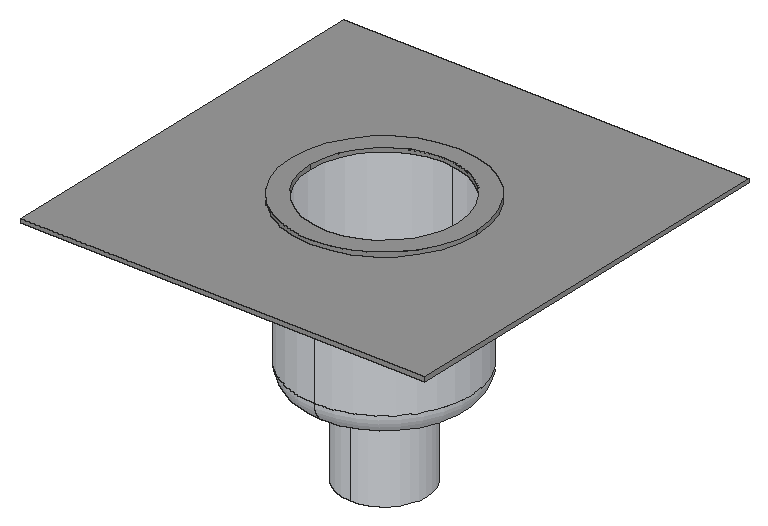
Revit family "RS523.x0", category Sanitärinstallationen, Revit 2020
Family settings
  Bemaßung runder Anschluss = Durchmesser verwenden
  Teiletyp = Normal
  Arbeitsebenenbasiert = Nein
  Immer vertikal = Ja
  Beim Laden mit Abzugskörper schneiden = Nein
  Gemeinsam genutzt = Nein
  Raumberechnungspunkt = Nein
Parameters (values of type "DN60")
  Übergangsbride [instance] = yes
  Vorgabe-Ansicht = 0 mm
  URL = "https://www.resitec.ch/"
  RSsp_H1 [instance] = Höhe  # 184 mm
  RS_s002 = 1.5 mm
  RS_s001 = 3 mm
  RS_dimH-mountplate [instance] = 10 mm
  RS_dimH-Rost [instance] = RS_Rost_h1 - 31 mm  # 69 mm
  RS_dim10 = 250 mm
  RS_dim001 = 75 mm
  RS_dim002 = 125 mm
  RS_dim003 = RS_dim001 + 5 mm  # 80 mm
  RS_diaRH1 = 150 mm
  RS_dia10 = 114 mm
  RS_dia002 = 110 mm
  RS_dia001 = 137.559 mm
  RS_DVol-T = 300 mm
  RS_DVol-L = 300 mm
  RS_DN2 = 0 mm
  RS_DN1d = 63.5 mm
  RS_DN1 = 60 mm
  RS_AVol-T = 129 mm
  RS_AVol-L = 129 mm
  RS_AVol-H = 170 mm
  RS_URL = "https://resitec.ch/entwaesserungstechnik/glockensifons/?tx_resitecprodukte_produktliste%5Bprodukt%5D=300&tx_resitecprodukte_produktliste%5Baction%5D=show&tx_resitecprodukte_produktliste%5Bcontroller%5D=Produkt&cHash=870ed96da1b7d2d15f9bc23eb072a8d7"
  RS_Rost_h1 [instance] = 100 mm
  RS_Rost_Typ [instance] = "RS511.2.145"
  RS_Manufacture = "Resitec"  # constant formula
  RS_Description [instance] = "Bodenablauf aus rostfreiem Stahl 1.4404 gebeizt, Typ RS 400MK/60 mit Schlitzrost barfuss begehbar."
  RS_Articelnumber [instance] = "RS523.60"
  RS_Add_1 [instance] = ""
  RS641 Dichtung [instance] = yes
  Klebeblech mit Epoxidgrundierung = yes
  Höhe [instance] = 184 mm
  Hersteller = RS_Manufacture  # "Resitec"
  Description = ""
  Baugruppenkennzeichen = "D2030300"
  Anschlusswert DU L/s = 0
Types (3, lengths in mm): name | RS_DN1d | RS_DN1 | RS_Articelnumber
  (no name) | 63.5 | 60 | "RS523.60"
  DN60 | 63.5 | 60 | "RS523.60"
  DN70 | 76.1 | 70 | "RS523.70"
Reference planes
  plane 1 "Mitte (Vorne/hinten)": y = 0
  plane 2: z = 0
  plane 3 "Mitte (Links/rechts)": x = 0
  plane 4: z = 100
  plane 5: z = -184
  plane 6: z = 10
  plane 7: x = 150
  plane 8: y = 150
  plane 9: x = -150
  plane 10: y = -150
  plane 11: y = 64.5
  plane 12: x = 64.5
  plane 13: x = -64.5
  plane 14: y = -64.5
  plane 15: z = 6
  plane 16 "1": z = 84
  plane 17: z = 3
  plane 18: y = 125
  plane 19: x = 125
  plane 20: y = -125
  plane 21: x = -125
  plane 22: x = -75
  plane 23: y = 75
  plane 24: x = 75
  plane 25: y = -75
Forms (mm)
  Extrusion 1, solid, material "Kautschuk", visible <- "RS641 Dichtung"
    sketch origin (0, 0, 0) x (1, 0, 0) y (0, 1, 0)
      loop
        circle (0, 0) r 55
      loop
        circle (0, 0) r 68.779
    from 3 to 6
  Extrusion 2, solid, material "Stahl, unlegiert"
    sketch origin (0, 0, 0) x (1, 0, 0) y (0, 1, 0)
      loop
        line (-150, 150) -> (-150, -150) -> (150, -150) -> (150, 150) -> (-150, 150)
      loop
        circle (0, 0) r 64.5
    from 0 to 3
Lines and regions (mm)
  reference lines
    curve 1: line (-60, 0, 0) -> (60, 0, 0)
    curve 2: line (0, 60, 0) -> (0, -60, 0)
    curve 3: line (-55.15, 0, 0) -> (55.15, 0, 0)
    curve 4: line (0, 55.15, 0) -> (0, -55.15, 0)
    curve 5: line (-70.5, 0, 0) -> (70.5, 0, 0)
    curve 6: line (0, -70.5, 0) -> (0, 70.5, 0)
Dimensions and locks
  equal spacing: Extrusion 1, Extrusion 1, level
  "RSsp_H1": level to plane 5
  "RS_dimH-mountplate": plane 6 to level
  equal spacing: plane 8, plane 1 "Mitte (Vorne/hinten)", plane 10
  equal spacing: plane 9, plane 3 "Mitte (Links/rechts)", plane 7
  "RS_DVol-T": plane 8 to plane 10
  "RS_DVol-L": plane 9 to plane 7
  equal spacing: plane 13, plane 3 "Mitte (Links/rechts)", plane 12
  "RS_AVol-L": plane 13 to plane 12
  equal spacing: plane 11, plane 1 "Mitte (Vorne/hinten)", plane 14
  "RS_AVol-T": plane 11 to plane 14
  plane 4 to plane 16 "1" = 16 mm  (x2)
  "RS_s001": plane 17 to level
  "RS_dim10": plane 21 to plane 19
  "RS_dim10": plane 18 to plane 20
  equal spacing: plane 21, plane 3 "Mitte (Links/rechts)", plane 19
  equal spacing: plane 18, plane 1 "Mitte (Vorne/hinten)", plane 20
  plane 4 to level = 100 mm
  "RS_diaRH1": plane 22 to plane 24
  "RS_diaRH1": plane 23 to plane 25
  equal spacing: plane 22, plane 3 "Mitte (Links/rechts)", plane 24
  equal spacing: plane 23, plane 1 "Mitte (Vorne/hinten)", plane 25
  diameter of Extrusion 1 = 110 mm
  "RS_dia002": diameter of Extrusion 1 sketch curve
  "RS_dia001": diameter of Extrusion 1 sketch curve
  aligned and locked: level to plane 2
  aligned and locked: plane 15 to Extrusion 1
  aligned and locked: plane 3 "Mitte (Links/rechts)" to nested 1
Automatic sketch dimensions
  plane 1 "Mitte (Vorne/hinten)" to curve 5 = 0 mm
  plane 1 "Mitte (Vorne/hinten)" to curve 1 = 0 mm
  plane 1 "Mitte (Vorne/hinten)" to curve 3 = 0 mm
  curve 2 to plane 3 "Mitte (Links/rechts)" = 0 mm
  curve 6 to plane 3 "Mitte (Links/rechts)" = 0 mm
  curve 4 to plane 3 "Mitte (Links/rechts)" = 0 mm
  curve 3 to plane 3 "Mitte (Links/rechts)" = 55.15 mm
  curve 1 to curve 3 = 4.85 mm
  curve 5 to curve 1 = 10.5 mm
  plane 3 "Mitte (Links/rechts)" to curve 3 = 55.15 mm
  curve 3 to curve 1 = 4.85 mm
  curve 1 to curve 5 = 10.5 mm
  plane 1 "Mitte (Vorne/hinten)" to curve 4 = 55.15 mm
  curve 2 to curve 4 = 4.85 mm
  curve 6 to curve 2 = 10.5 mm
  curve 4 to plane 1 "Mitte (Vorne/hinten)" = 55.15 mm
  curve 4 to curve 2 = 4.85 mm
  curve 2 to curve 6 = 10.5 mm
  Extrusion 2 sketch curve to plane 9 = 0 mm
  plane 1 "Mitte (Vorne/hinten)" to Extrusion 2 sketch curve = 0 mm
  Extrusion 2 sketch curve to plane 3 "Mitte (Links/rechts)" = 0 mm
  Extrusion 2 sketch curve to plane 7 = 0 mm
  Extrusion 2 sketch curve to plane 10 = 0 mm
  Extrusion 2 sketch curve to plane 8 = 0 mm
  Extrusion 1 sketch curve to Extrusion 1 sketch curve = 0 mm  (x2)
  plane 1 "Mitte (Vorne/hinten)" to Extrusion 1 sketch curve = 0 mm
  Extrusion 1 sketch curve to plane 3 "Mitte (Links/rechts)" = 0 mm
  radius of Extrusion 2 sketch curve = 64.5 mm
Nested families
  nested 1: "RS561K.xx" at (0, 0, 0), RSsp_H1 <- "RSsp_H1", type "DN60"
    with Übergangsbride no, Rückstaudichtung RS644.60 no, RSsp_H1 184 mm, RS_dimH-Rost 279 mm, RS_Rost_h1 317 mm, RS_Rost_Typ "RS511.2.145", RS_Description "Glockensifon aus rostfreiem Stahl 1.4404 gebeizt, Typ RS 425/70, bestehend aus: Ablaufteil mit Abgang ø 63.5 mm, vertikal Lochrost 4 mm ø 124 mm aus rostfreiem Stahl 1.4301 gebeizt mit angeschweisster Glocke, barfuss begehbar und mit Rollstuhl befahrbar", RS_Articelnumber "RS425.60.4.129", RS_Add_1 "", Höhe 345 mm
Connectors
  piping at (0, 0, -184), diameter 60, driven by "RS_DN1"
    settings: on nested 1, index 1, connector inside diameter 609.6 mm, connector length 0 mm, flow factor 0, pipe flow 0.0 L/s, pressure drop 0.0 Pa, fitting loss kfactor 0, connector angle 0.00°, fixture units 0, engagement length 0 mm, angle of deflection 0.00°, flow configuration 0, flow direction 0, fitting loss method 0, system type 16, joint type 0, gender type 0, connector reference index -1, connector utility 0, adjustable connector no, is connector primary yes, connector description ""
Definition of nested family "RS561K.xx"
  Parameters (values of type "DN70")
    Übergangsbride [instance] = no
    Default Elevation = 0 mm
    URL = "https://www.resitec.ch/"
    RSsp_H1 [instance] = 345 mm
    RS_s001 = 3 mm
    RS_dimH-Rost [instance] = RS_Rost_h1 - 38 mm  # 279 mm
    RS_dim001 = 122 mm
    RS_dim002 = RS_dim001  # 122 mm
    RS_dim003 = 25 mm
    RS_dia002 = 130 mm
    RS_dia001 = 129 mm
    RS_DVol-T = 300 mm
    RS_DVol-L = 300 mm
    RS_DN2 = 0 mm
    RS_DN1d = 76 mm
    RS_DN1 = 70 mm
    RS_AVol-T = 129 mm
    RS_AVol-L = 129 mm
    RS_AVol-H = 200 mm
    RS_URL = ""
    RS_Rost_h1 [instance] = 317 mm
    RS_Rost_Typ [instance] = ""
    RS_Manufacture = "Resitec"  # constant formula
    RS_Description [instance] = "Glockensifon aus rostfreiem Stahl 1.4404 gebeizt, Typ RS 425/70, bestehend aus: Ablaufteil mit Abgang ø 63.5 mm, vertikal Lochrost 4 mm ø 124 mm aus rostfreiem Stahl 1.4301 gebeizt mit angeschweisster Glocke, barfuss begehbar und mit Rollstuhl befahrbar"  # constant formula
    RS_Articelnumber [instance] = "RS561K.xx"
    RS_Add_1 [instance] = ""
    Rückstaudichtung RS644.60 [instance] = no
    Höhe [instance] = 345 mm
    Manufacturer = RS_Manufacture  # "Resitec"
    Description = ""
    Assembly Code = "D2030300"
    Anschlusswert DU L/s = 0
  Types (3, lengths in mm): name | RSsp_H1 | RS_DN1d | RS_DN1 | RS_URL | RS_Rost_Typ | RS_Articelnumber
    DN40 | 335.757 | 48 | 40 | "https://resitec.ch/entwaesserungstechnik/bodenablauf/?tx_resitecprodukte_produktliste%5Bprodukt%5D=1&tx_resitecprodukte_produktliste%5Baction%5D=show&tx_resitecprodukte_produktliste%5Bcontroller%5D=Produkt&cHash=cee8b11d3745fbe960417df4e1698a16" | "RS511.2.145" | "RS425.60.4.129"
    DN60 | 335.757 | 63 | 60 | "https://resitec.ch/entwaesserungstechnik/glockensifons/?tx_resitecprodukte_produktliste%5Bprodukt%5D=71&tx_resitecprodukte_produktliste%5Baction%5D=show&tx_resitecprodukte_produktliste%5Bcontroller%5D=Produkt&cHash=81896261f04a31d1bb8fc8234e01d3bc" | "RS511.2.145" | "RS425.60.4.129"
    DN70 | 345 | 76 | 70 | "" | "" | "RS561K.xx"
  Reference planes
    plane 1 "Mitte (Vorne/hinten)": y = 0
    plane 2: z = 0
    plane 3 "Mitte (Links/rechts)": x = 0
    plane 4: y = -64.5
    plane 5: y = 64.5
    plane 6: z = -122
    plane 7: z = -122
    plane 8: y = -38
    plane 9: y = 38
    plane 10: z = -345
  Forms (mm)
    Revolve 1, solid
      sketch origin (0, 0, 0) x (0, 1, 0) y (0, 0, 1)
        loop
          line (0, -122.078) -> (0, -345) -> (38, -345) -> (38, -122.078) -> (0, -122.078)
        axis (0, -122.078) -> (0, -345)
      angle from 0 to 360
    Revolve 2, solid
      sketch origin (0, 0, 0) x (0, 1, 0) y (0, 0, 1)
        loop
          line (-64.5, 0) -> (-64.5, -105.204)
          arc (-64.5, -105.204) -> (-59.581, -117.081) -> (-47.704, -122) r 16.796
          line (-47.704, -122) -> (0, -122) -> (0, -120) -> (-49.772, -120)
          arc (-49.772, -120) -> (-58.772, -116.272) -> (-62.5, -107.272) r 12.728
          line (-62.5, -107.272) -> (-62.5, 0) -> (-64.5, 0)
        axis (0, -122) -> (0, 0)
      angle from 0 to 360
  Dimensions and locks
    "RS_dia001": plane 4 to plane 5
    equal spacing: plane 4, plane 1 "Mitte (Vorne/hinten)", plane 5
    "RS_dim001": level to plane 7
    "RS_dim002": level to plane 6
    "RS_DN1d": plane 8 to plane 9
    equal spacing: plane 8, plane 1 "Mitte (Vorne/hinten)", plane 9
    Revolve 2 sketch curve to Revolve 2 sketch curve = 2 mm  (x2)
    "RSsp_H1": level to plane 10
    radius of Revolve 2 sketch curve = 12.728 mm
    radius of Revolve 2 sketch curve = 16.796 mm
    aligned and locked: level to plane 2
    aligned and locked: Revolve 1 sketch curve to plane 1 "Mitte (Vorne/hinten)"
    aligned and locked: Revolve 1 sketch curve to plane 9
    aligned and locked: Revolve 1 sketch curve to Revolve 1 sketch curve
    aligned and locked: level to Revolve 2 sketch curve
    aligned and locked: Revolve 2 sketch curve to plane 1 "Mitte (Vorne/hinten)"  (x2)
    aligned and locked: Revolve 2 sketch curve to plane 7
    aligned and locked: plane 4 to Revolve 2 sketch curve
    aligned and locked: plane 10 to Revolve 1
  Automatic sketch dimensions
    Revolve 1 sketch curve to plane 9 = 0 mm
    Revolve 1 sketch curve to plane 6 = 0 mm
    Revolve 1 sketch curve to Revolve 1 sketch curve = 196.243 mm
    Revolve 1 sketch curve to plane 6 = 0.078 mm
    Revolve 2 sketch curve to plane 6 = 20 mm
    level to Revolve 2 sketch curve = 13 mm
    Revolve 1 sketch curve to Revolve 1 sketch curve = 222.922 mm
  Connectors
    piping at (0, 0, -345), diameter 70, driven by "RS_DN1"
      settings: on Revolve 1, index 1, connector inside diameter 609.6 mm, connector length 0 mm, flow factor 0, pipe flow 0.0 L/s, pressure drop 0.0 Pa, fitting loss kfactor 0, connector angle 0.00°, fixture units 0, engagement length 0 mm, angle of deflection 0.00°, flow configuration 0, flow direction 0, fitting loss method 0, system type 7, joint type 0, gender type 0, connector reference index -1, connector utility 0, adjustable connector no, is connector primary yes, connector description ""
